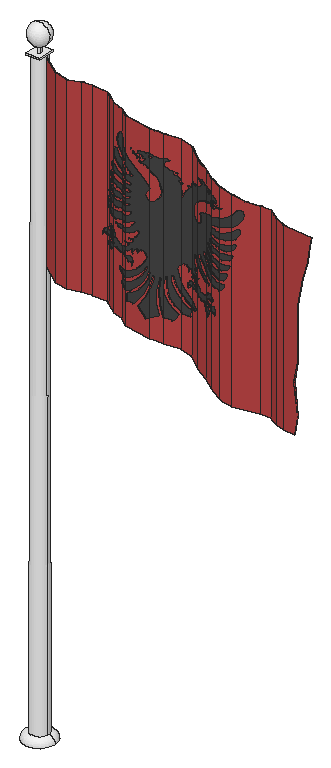
Revit family "Albanian Flag & Flag Pole", category Site, Revit 2014 (continued)
Automatic sketch dimensions
  Extrusion 7 sketch curve to Extrusion 7 sketch curve = 4.499 mm  (x2)
  Extrusion 7 sketch curve to Extrusion 7 sketch curve = 9.213 mm  (x4)
  Extrusion 7 sketch curve to Extrusion 7 sketch curve = 3.643 mm  (x2)
  Extrusion 7 sketch curve to Extrusion 7 sketch curve = 3.506 mm  (x2)
  Extrusion 7 sketch curve to Extrusion 7 sketch curve = 5.176 mm  (x4)
  Extrusion 7 sketch curve to Extrusion 7 sketch curve = 12.892 mm  (x2)
  Extrusion 7 sketch curve to Extrusion 7 sketch curve = 7.071 mm  (x28)
  Extrusion 7 sketch curve to Extrusion 7 sketch curve = 7.465 mm  (x2)
  Extrusion 7 sketch curve to Extrusion 7 sketch curve = 7.593 mm  (x2)
  Extrusion 7 sketch curve to Extrusion 7 sketch curve = 6.964 mm  (x2)
  Extrusion 7 sketch curve to Extrusion 7 sketch curve = 7.042 mm  (x2)
  Extrusion 7 sketch curve to Extrusion 7 sketch curve = 5.685 mm  (x2)
  Extrusion 7 sketch curve to Extrusion 7 sketch curve = 8.856 mm  (x2)
  Extrusion 7 sketch curve to Extrusion 7 sketch curve = 14.142 mm  (x31)
  Extrusion 7 sketch curve to Extrusion 7 sketch curve = 10 mm  (x10)
  Extrusion 7 sketch curve to Extrusion 7 sketch curve = 7.781 mm  (x2)
  Extrusion 7 sketch curve to Extrusion 7 sketch curve = 11.339 mm  (x2)
  Extrusion 7 sketch curve to Extrusion 7 sketch curve = 5 mm  (x42)
  Extrusion 7 sketch curve to Extrusion 7 sketch curve = 15 mm  (x36)
  Extrusion 7 sketch curve to Extrusion 7 sketch curve = 12.095 mm  (x2)
  Extrusion 7 sketch curve to Extrusion 7 sketch curve = 9.389 mm  (x2)
  Extrusion 7 sketch curve to Extrusion 7 sketch curve = 8.746 mm  (x4)
  Extrusion 7 sketch curve to Extrusion 7 sketch curve = 12.5 mm  (x6)
  Extrusion 7 sketch curve to Extrusion 7 sketch curve = 7.612 mm  (x2)
  Extrusion 7 sketch curve to Extrusion 7 sketch curve = 13.211 mm  (x2)
  Extrusion 7 sketch curve to Extrusion 7 sketch curve = 21.213 mm  (x12)
  Extrusion 7 sketch curve to Extrusion 7 sketch curve = 26.242 mm  (x2)
  Extrusion 7 sketch curve to Extrusion 7 sketch curve = 15.045 mm  (x2)
  Extrusion 7 sketch curve to Extrusion 7 sketch curve = 6.561 mm  (x2)
  Extrusion 7 sketch curve to Extrusion 7 sketch curve = 14.345 mm  (x2)
  Extrusion 7 sketch curve to Extrusion 7 sketch curve = 12.499 mm  (x2)
  Extrusion 7 sketch curve to Extrusion 7 sketch curve = 13.908 mm  (x4)
  Extrusion 7 sketch curve to Extrusion 7 sketch curve = 11.394 mm  (x2)
  Extrusion 7 sketch curve to Extrusion 7 sketch curve = 18.147 mm  (x2)
  Extrusion 7 sketch curve to Extrusion 7 sketch curve = 17.678 mm  (x4)
  Extrusion 7 sketch curve to Extrusion 7 sketch curve = 10.527 mm  (x2)
  Extrusion 7 sketch curve to Extrusion 7 sketch curve = 135.918 mm
  Extrusion 7 sketch curve to Extrusion 7 sketch curve = 0.331 mm
  Extrusion 7 sketch curve to Extrusion 7 sketch curve = 12.036 mm  (x2)
  Extrusion 7 sketch curve to Extrusion 7 sketch curve = 18.054 mm  (x4)
  Extrusion 7 sketch curve to Extrusion 7 sketch curve = 16.383 mm  (x8)
  Extrusion 7 sketch curve to Extrusion 7 sketch curve = 3.42 mm  (x13)
  Extrusion 7 sketch curve to Extrusion 7 sketch curve = 32.361 mm  (x4)
  Extrusion 7 sketch curve to Extrusion 7 sketch curve = 15.024 mm  (x2)
  Extrusion 7 sketch curve to Extrusion 7 sketch curve = 2.079 mm  (x6)
  Extrusion 7 sketch curve to Extrusion 7 sketch curve = 17.492 mm  (x6)
  Extrusion 7 sketch curve to Extrusion 7 sketch curve = 22.24 mm  (x2)
  Extrusion 7 sketch curve to Extrusion 7 sketch curve = 15.611 mm  (x2)
  Extrusion 7 sketch curve to Extrusion 7 sketch curve = 7.646 mm  (x2)
  Extrusion 7 sketch curve to Extrusion 7 sketch curve = 26.239 mm  (x2)
  Extrusion 7 sketch curve to Extrusion 7 sketch curve = 8.604 mm  (x12)
  Extrusion 7 sketch curve to Extrusion 7 sketch curve = 14.943 mm  (x2)
  Extrusion 7 sketch curve to Extrusion 7 sketch curve = 4.226 mm  (x17)
  Extrusion 7 sketch curve to Extrusion 7 sketch curve = 16.401 mm  (x2)
  Extrusion 7 sketch curve to Extrusion 7 sketch curve = 19.682 mm  (x2)
  Extrusion 7 sketch curve to Extrusion 7 sketch curve = 5.738 mm  (x2)
  Extrusion 7 sketch curve to Extrusion 7 sketch curve = 7.854 mm  (x4)
  Extrusion 7 sketch curve to Extrusion 7 sketch curve = 18.544 mm  (x6)
  Extrusion 7 sketch curve to Extrusion 7 sketch curve = 23.809 mm  (x2)
  Extrusion 7 sketch curve to Extrusion 7 sketch curve = 30.612 mm  (x5)
  Extrusion 7 sketch curve to Extrusion 7 sketch curve = 14.489 mm  (x8)
  Extrusion 7 sketch curve to Extrusion 7 sketch curve = 9.117 mm  (x4)
  Extrusion 7 sketch curve to Extrusion 7 sketch curve = 9.904 mm  (x2)
  Extrusion 7 sketch curve to Extrusion 7 sketch curve = 23.18 mm  (x4)
  Extrusion 7 sketch curve to Extrusion 7 sketch curve = 4.905 mm  (x4)
  Extrusion 7 sketch curve to Extrusion 7 sketch curve = 4.971 mm  (x4)
  Extrusion 7 sketch curve to Extrusion 7 sketch curve = 7.937 mm  (x2)
  Extrusion 7 sketch curve to Extrusion 7 sketch curve = 15.199 mm  (x4)
  Extrusion 7 sketch curve to Extrusion 7 sketch curve = 14.095 mm  (x18)
  Extrusion 7 sketch curve to Extrusion 7 sketch curve = 34.985 mm  (x2)
  Extrusion 7 sketch curve to Extrusion 7 sketch curve = 9.781 mm  (x6)
  Extrusion 7 sketch curve to Extrusion 7 sketch curve = 35.355 mm  (x3)
  Extrusion 7 sketch curve to Extrusion 7 sketch curve = 25.971 mm  (x2)
  Extrusion 7 sketch curve to Extrusion 7 sketch curve = 7.58 mm  (x2)
  Extrusion 7 sketch curve to Extrusion 7 sketch curve = 43.173 mm  (x2)
  Extrusion 7 sketch curve to Extrusion 7 sketch curve = 39.732 mm
  Extrusion 7 sketch curve to Extrusion 7 sketch curve = 38.252 mm  (x6)
  Extrusion 7 sketch curve to Extrusion 7 sketch curve = 20 mm  (x10)
  Extrusion 7 sketch curve to Extrusion 7 sketch curve = 7.67 mm  (x2)
  Extrusion 7 sketch curve to Extrusion 7 sketch curve = 38.812 mm  (x2)
  Extrusion 7 sketch curve to Extrusion 7 sketch curve = 22.5 mm  (x2)
  Extrusion 7 sketch curve to Extrusion 7 sketch curve = 34.952 mm  (x4)
  Extrusion 7 sketch curve to Extrusion 7 sketch curve = 43.034 mm  (x2)
  Extrusion 7 sketch curve to Extrusion 7 sketch curve = 29.631 mm  (x2)
  Extrusion 7 sketch curve to Extrusion 7 sketch curve = 21.69 mm  (x2)
  Extrusion 7 sketch curve to Extrusion 7 sketch curve = 13.912 mm
  Extrusion 7 sketch curve to Extrusion 7 sketch curve = 32.451 mm  (x3)
  Extrusion 7 sketch curve to Extrusion 7 sketch curve = 6.801 mm
  Extrusion 7 sketch curve to Extrusion 7 sketch curve = 42.664 mm  (x2)
  Extrusion 7 sketch curve to Extrusion 7 sketch curve = 4.996 mm
  Extrusion 7 sketch curve to Extrusion 7 sketch curve = 5.888 mm  (x2)
  Extrusion 7 sketch curve to Extrusion 7 sketch curve = 20.527 mm  (x2)
  Extrusion 7 sketch curve to Extrusion 7 sketch curve = 24.62 mm  (x4)
  Extrusion 7 sketch curve to Extrusion 7 sketch curve = 23.754 mm  (x2)
  Extrusion 7 sketch curve to Extrusion 7 sketch curve = 24.692 mm  (x6)
  Extrusion 7 sketch curve to Extrusion 7 sketch curve = 11.499 mm  (x2)
  Extrusion 7 sketch curve to Extrusion 7 sketch curve = 32.551 mm  (x2)
  Extrusion 7 sketch curve to Extrusion 7 sketch curve = 38.162 mm  (x2)
  Extrusion 7 sketch curve to Extrusion 7 sketch curve = 25 mm  (x8)
  Extrusion 7 sketch curve to Extrusion 7 sketch curve = 35 mm  (x8)
  Extrusion 7 sketch curve to Extrusion 7 sketch curve = 9.363 mm  (x4)
  Extrusion 7 sketch curve to Extrusion 7 sketch curve = 13.544 mm  (x2)
  Extrusion 7 sketch curve to Extrusion 7 sketch curve = 21.283 mm  (x2)
  Extrusion 7 sketch curve to Extrusion 7 sketch curve = 56.631 mm
  Extrusion 7 sketch curve to Extrusion 7 sketch curve = 3.536 mm  (x58)
  Extrusion 7 sketch curve to Extrusion 7 sketch curve = 40 mm  (x4)
  Extrusion 7 sketch curve to Extrusion 7 sketch curve = 30 mm  (x6)
  Extrusion 7 sketch curve to Extrusion 7 sketch curve = 31.067 mm  (x2)
  Extrusion 7 sketch curve to Extrusion 7 sketch curve = 22.09 mm
  Extrusion 7 sketch curve to Extrusion 7 sketch curve = 8.66 mm  (x10)
  Extrusion 7 sketch curve to Extrusion 7 sketch curve = 22.799 mm  (x2)
  Extrusion 7 sketch curve to Extrusion 7 sketch curve = 4.359 mm  (x3)
  Extrusion 7 sketch curve to Extrusion 7 sketch curve = 2.784 mm  (x2)
  Extrusion 7 sketch curve to Extrusion 7 sketch curve = 53.59 mm
  Extrusion 7 sketch curve to Extrusion 7 sketch curve = 4.308 mm
  Extrusion 7 sketch curve to Extrusion 7 sketch curve = 4.635 mm  (x2)
  Extrusion 7 sketch curve to Extrusion 7 sketch curve = 42.041 mm  (x2)
  Extrusion 7 sketch curve to Extrusion 7 sketch curve = 40.249 mm  (x2)
  Extrusion 7 sketch curve to Extrusion 7 sketch curve = 8.408 mm
  Extrusion 7 sketch curve to Extrusion 7 sketch curve = 12.573 mm  (x2)
  Extrusion 7 sketch curve to Extrusion 7 sketch curve = 5.558 mm  (x4)
  Extrusion 7 sketch curve to Extrusion 7 sketch curve = 9.482 mm  (x2)
  Extrusion 7 sketch curve to Extrusion 7 sketch curve = 5.13 mm  (x22)
  Extrusion 7 sketch curve to Extrusion 7 sketch curve = 16.566 mm  (x2)
  Extrusion 7 sketch curve to Extrusion 7 sketch curve = 7.316 mm  (x2)
  Extrusion 7 sketch curve to Extrusion 7 sketch curve = 9.063 mm  (x17)
  Extrusion 7 sketch curve to Extrusion 7 sketch curve = 8.937 mm  (x4)
  Extrusion 7 sketch curve to Extrusion 7 sketch curve = 7.44 mm  (x2)
  Extrusion 7 sketch curve to Extrusion 7 sketch curve = 28.284 mm  (x4)
  Extrusion 7 sketch curve to Extrusion 7 sketch curve = 11.489 mm  (x2)
  Extrusion 7 sketch curve to Extrusion 7 sketch curve = 3.987 mm  (x4)
  Extrusion 7 sketch curve to Extrusion 7 sketch curve = 1.257 mm
  Extrusion 7 sketch curve to Extrusion 7 sketch curve = 1.645 mm  (x2)
  Extrusion 7 sketch curve to Extrusion 7 sketch curve = 30.234 mm  (x2)
  Extrusion 7 sketch curve to Extrusion 7 sketch curve = 6.77 mm  (x2)
  Extrusion 7 sketch curve to Extrusion 7 sketch curve = 6.232 mm  (x2)
  Extrusion 7 sketch curve to Extrusion 7 sketch curve = 12.063 mm  (x2)
  Extrusion 7 sketch curve to Extrusion 7 sketch curve = 29.402 mm  (x2)
  Extrusion 7 sketch curve to Extrusion 7 sketch curve = 7.897 mm  (x2)
  Extrusion 7 sketch curve to Extrusion 7 sketch curve = 37.857 mm  (x2)
  Extrusion 7 sketch curve to Extrusion 7 sketch curve = 26.287 mm  (x2)
  Extrusion 7 sketch curve to Extrusion 7 sketch curve = 3.32 mm  (x2)
  Extrusion 7 sketch curve to Extrusion 7 sketch curve = 3.954 mm  (x2)
  Extrusion 7 sketch curve to Extrusion 7 sketch curve = 28.366 mm  (x2)
  Extrusion 7 sketch curve to Extrusion 7 sketch curve = 7.109 mm  (x2)
  Extrusion 7 sketch curve to Extrusion 7 sketch curve = 10.738 mm  (x2)
  Extrusion 7 sketch curve to Extrusion 7 sketch curve = 20.034 mm  (x2)
  Extrusion 7 sketch curve to Extrusion 7 sketch curve = 14.045 mm  (x2)
  Extrusion 7 sketch curve to Extrusion 7 sketch curve = 7.657 mm  (x2)
  Extrusion 7 sketch curve to Extrusion 7 sketch curve = 16.902 mm  (x2)
  Extrusion 7 sketch curve to Extrusion 7 sketch curve = 12.85 mm  (x2)
  Extrusion 7 sketch curve to Extrusion 7 sketch curve = 49.118 mm  (x2)
  Extrusion 7 sketch curve to Extrusion 7 sketch curve = 59.918 mm  (x2)
  Extrusion 7 sketch curve to Extrusion 7 sketch curve = 8.766 mm  (x2)
  Extrusion 7 sketch curve to Extrusion 7 sketch curve = 56.85 mm
  Extrusion 7 sketch curve to Extrusion 7 sketch curve = 9.962 mm  (x8)
  Extrusion 7 sketch curve to Extrusion 7 sketch curve = 12.993 mm  (x2)
  Extrusion 7 sketch curve to Extrusion 7 sketch curve = 6.181 mm  (x2)
  Extrusion 7 sketch curve to Extrusion 7 sketch curve = 14.672 mm  (x8)
  Extrusion 7 sketch curve to Extrusion 7 sketch curve = 32.503 mm  (x2)
  Extrusion 7 sketch curve to Extrusion 7 sketch curve = 50 mm  (x2)
  Extrusion 7 sketch curve to Extrusion 7 sketch curve = 6.221 mm  (x2)
  Extrusion 7 sketch curve to Extrusion 7 sketch curve = 12.269 mm  (x2)
  Extrusion 7 sketch curve to Extrusion 7 sketch curve = 29.344 mm  (x6)
  Extrusion 7 sketch curve to Extrusion 7 sketch curve = 16.849 mm  (x2)
  Extrusion 7 sketch curve to Extrusion 7 sketch curve = 10.439 mm  (x2)
  Extrusion 7 sketch curve to Extrusion 7 sketch curve = 33.807 mm  (x4)
  Extrusion 7 sketch curve to Extrusion 7 sketch curve = 12.711 mm  (x2)
  Extrusion 7 sketch curve to Extrusion 7 sketch curve = 46.245 mm  (x2)
  Extrusion 7 sketch curve to Extrusion 7 sketch curve = 13.595 mm  (x17)
  Extrusion 7 sketch curve to Extrusion 7 sketch curve = 17.591 mm
  Extrusion 7 sketch curve to Extrusion 7 sketch curve = 6.271 mm  (x2)
  Extrusion 7 sketch curve to Extrusion 7 sketch curve = 38.637 mm  (x6)
  Extrusion 7 sketch curve to Extrusion 7 sketch curve = 9.397 mm  (x16)
  Extrusion 7 sketch curve to Extrusion 7 sketch curve = 10.612 mm  (x2)
  Extrusion 7 sketch curve to Extrusion 7 sketch curve = 27.285 mm
  Extrusion 7 sketch curve to Extrusion 7 sketch curve = 1.13 mm  (x2)
  Extrusion 7 sketch curve to Extrusion 7 sketch curve = 2.33 mm  (x3)
  Extrusion 7 sketch curve to Extrusion 7 sketch curve = 5.198 mm  (x4)
  Extrusion 7 sketch curve to Extrusion 7 sketch curve = 7.223 mm  (x2)
  Extrusion 7 sketch curve to Extrusion 7 sketch curve = 11.648 mm  (x2)
  Extrusion 7 sketch curve to Extrusion 7 sketch curve = 16.777 mm  (x2)
  Extrusion 7 sketch curve to Extrusion 7 sketch curve = 8.192 mm  (x8)
  Extrusion 7 sketch curve to Extrusion 7 sketch curve = 12.065 mm  (x3)
  Extrusion 7 sketch curve to Extrusion 7 sketch curve = 6.56 mm  (x2)
  Extrusion 7 sketch curve to Extrusion 7 sketch curve = 45.935 mm  (x2)
  Extrusion 7 sketch curve to Extrusion 7 sketch curve = 8.218 mm  (x2)
  Extrusion 7 sketch curve to Extrusion 7 sketch curve = 5.535 mm  (x4)
  Extrusion 7 sketch curve to Extrusion 7 sketch curve = 11.756 mm  (x2)
  Extrusion 7 sketch curve to Extrusion 7 sketch curve = 26.851 mm  (x2)
  Extrusion 7 sketch curve to Extrusion 7 sketch curve = 1.405 mm  (x2)
  Extrusion 7 sketch curve to Extrusion 7 sketch curve = 42.548 mm  (x2)
  Extrusion 7 sketch curve to Extrusion 7 sketch curve = 35.446 mm  (x2)
  Extrusion 7 sketch curve to Extrusion 7 sketch curve = 73.616 mm
  Extrusion 7 sketch curve to Extrusion 7 sketch curve = 31.949 mm  (x2)
  Extrusion 7 sketch curve to Extrusion 7 sketch curve = 11.316 mm  (x2)
  Extrusion 7 sketch curve to Extrusion 7 sketch curve = 11.905 mm  (x2)
  Extrusion 7 sketch curve to Extrusion 7 sketch curve = 7.493 mm  (x2)
  Extrusion 7 sketch curve to Extrusion 7 sketch curve = 19.504 mm  (x3)
  Extrusion 7 sketch curve to Extrusion 7 sketch curve = 52.004 mm
  Extrusion 7 sketch curve to Extrusion 7 sketch curve = 3.321 mm
  Extrusion 7 sketch curve to Extrusion 7 sketch curve = 8.551 mm  (x2)
  Extrusion 7 sketch curve to Extrusion 7 sketch curve = 6.815 mm  (x2)
  Extrusion 7 sketch curve to Extrusion 7 sketch curve = 6.842 mm  (x2)
  Extrusion 7 sketch curve to Extrusion 7 sketch curve = 2.367 mm  (x4)
  Extrusion 7 sketch curve to Extrusion 7 sketch curve = 18.672 mm  (x4)
  Extrusion 7 sketch curve to Extrusion 7 sketch curve = 12.399 mm  (x2)
  Extrusion 7 sketch curve to Extrusion 7 sketch curve = 12.287 mm  (x14)
  Extrusion 7 sketch curve to Extrusion 7 sketch curve = 44.829 mm  (x2)
  Extrusion 7 sketch curve to Extrusion 7 sketch curve = 18.468 mm  (x2)
  Extrusion 7 sketch curve to Extrusion 7 sketch curve = 18.233 mm
  Extrusion 7 sketch curve to Extrusion 7 sketch curve = 12.955 mm  (x4)
  Extrusion 7 sketch curve to Extrusion 7 sketch curve = 14.772 mm  (x11)
  Extrusion 7 sketch curve to Extrusion 7 sketch curve = 14.633 mm  (x2)
  Extrusion 7 sketch curve to Extrusion 7 sketch curve = 54.841 mm  (x2)
  Extrusion 7 sketch curve to Extrusion 7 sketch curve = 33.093 mm  (x2)
  Extrusion 7 sketch curve to Extrusion 7 sketch curve = 18.674 mm
  Extrusion 7 sketch curve to Extrusion 7 sketch curve = 53.126 mm
  Extrusion 7 sketch curve to Extrusion 7 sketch curve = 26.594 mm
  Extrusion 7 sketch curve to Extrusion 7 sketch curve = 27.626 mm  (x2)
  Extrusion 7 sketch curve to Extrusion 7 sketch curve = 40.406 mm
  Extrusion 7 sketch curve to Extrusion 7 sketch curve = 6.451 mm
  Extrusion 7 sketch curve to Extrusion 7 sketch curve = 28.191 mm  (x2)
  Extrusion 7 sketch curve to Extrusion 7 sketch curve = 22.569 mm
  Extrusion 7 sketch curve to Extrusion 7 sketch curve = 3.61 mm
  Extrusion 7 sketch curve to Extrusion 7 sketch curve = 29.886 mm  (x2)
  Extrusion 7 sketch curve to Extrusion 7 sketch curve = 11.793 mm  (x4)
  Extrusion 7 sketch curve to Extrusion 7 sketch curve = 13.362 mm  (x2)
  Extrusion 7 sketch curve to Extrusion 7 sketch curve = 4.448 mm  (x4)
  Extrusion 7 sketch curve to Extrusion 7 sketch curve = 23.638 mm  (x2)
  Extrusion 7 sketch curve to Extrusion 7 sketch curve = 10.869 mm  (x2)
  Extrusion 7 sketch curve to Extrusion 7 sketch curve = 28.076 mm
  Extrusion 7 sketch curve to Extrusion 7 sketch curve = 22.051 mm  (x2)
  Extrusion 7 sketch curve to Extrusion 7 sketch curve = 31.721 mm  (x2)
  Extrusion 7 sketch curve to Extrusion 7 sketch curve = 8.38 mm  (x2)
  Extrusion 7 sketch curve to Extrusion 7 sketch curve = 31.646 mm  (x2)
  Extrusion 7 sketch curve to Extrusion 7 sketch curve = 27.869 mm  (x2)
  Extrusion 7 sketch curve to Extrusion 7 sketch curve = 5.08 mm  (x2)
  Extrusion 7 sketch curve to Extrusion 7 sketch curve = 22.898 mm  (x2)
  Extrusion 7 sketch curve to Extrusion 7 sketch curve = 18.126 mm  (x6)
  Extrusion 7 sketch curve to Extrusion 7 sketch curve = 69.539 mm
  Extrusion 7 sketch curve to Extrusion 7 sketch curve = 37.588 mm
  Extrusion 7 sketch curve to Extrusion 7 sketch curve = 29.54 mm  (x2)
  Extrusion 7 sketch curve to Extrusion 7 sketch curve = 0.069 mm  (x2)
  Extrusion 7 sketch curve to Extrusion 7 sketch curve = 13.958 mm
  Extrusion 7 sketch curve to Extrusion 7 sketch curve = 1.195 mm
  Extrusion 7 sketch curve to Extrusion 7 sketch curve = 14.965 mm  (x2)
  Extrusion 7 sketch curve to Extrusion 7 sketch curve = 5.515 mm  (x4)
  Extrusion 7 sketch curve to Extrusion 7 sketch curve = 6.398 mm
  Extrusion 7 sketch curve to Extrusion 7 sketch curve = 6.525 mm  (x2)
  Extrusion 7 sketch curve to Extrusion 7 sketch curve = 13.971 mm
  Extrusion 7 sketch curve to Extrusion 7 sketch curve = 23.27 mm  (x2)
  Extrusion 7 sketch curve to Extrusion 7 sketch curve = 17.537 mm  (x2)
  Extrusion 7 sketch curve to Extrusion 7 sketch curve = 0.874 mm
  Extrusion 7 sketch curve to Extrusion 7 sketch curve = 19.319 mm  (x4)
  Extrusion 7 sketch curve to Extrusion 7 sketch curve = 7.053 mm
  Extrusion 7 sketch curve to Extrusion 7 sketch curve = 7.66 mm  (x2)
  Extrusion 7 sketch curve to Extrusion 7 sketch curve = 41.723 mm  (x2)
  Extrusion 7 sketch curve to Extrusion 7 sketch curve = 19.696 mm  (x9)
  Extrusion 7 sketch curve to Extrusion 7 sketch curve = 22.658 mm  (x5)
  Extrusion 7 sketch curve to Extrusion 7 sketch curve = 25.442 mm  (x2)
  Extrusion 7 sketch curve to Extrusion 7 sketch curve = 8.388 mm
  Extrusion 7 sketch curve to Extrusion 7 sketch curve = 9.848 mm  (x6)
  Extrusion 7 sketch curve to Extrusion 7 sketch curve = 42.858 mm  (x3)
  Extrusion 7 sketch curve to Extrusion 7 sketch curve = 4.618 mm  (x3)
  Extrusion 7 sketch curve to Extrusion 7 sketch curve = 19.754 mm  (x4)
  Extrusion 7 sketch curve to Extrusion 7 sketch curve = 2.179 mm
  Extrusion 7 sketch curve to Extrusion 7 sketch curve = 4.504 mm
  Extrusion 7 sketch curve to Extrusion 7 sketch curve = 18.041 mm  (x2)
  Extrusion 7 sketch curve to Extrusion 7 sketch curve = 3.54 mm  (x2)
  Extrusion 7 sketch curve to Extrusion 7 sketch curve = 6.933 mm  (x2)
  Extrusion 7 sketch curve to Extrusion 7 sketch curve = 9.997 mm  (x2)
  Extrusion 7 sketch curve to Extrusion 7 sketch curve = 13.241 mm  (x2)
  Extrusion 7 sketch curve to Extrusion 7 sketch curve = 0.4 mm
  Extrusion 7 sketch curve to Extrusion 7 sketch curve = 1.169 mm
  Extrusion 7 sketch curve to Extrusion 7 sketch curve = 27.189 mm  (x8)
  Extrusion 7 sketch curve to Extrusion 7 sketch curve = 5.722 mm  (x2)
  Extrusion 7 sketch curve to Extrusion 7 sketch curve = 11.767 mm  (x2)
  Extrusion 7 sketch curve to Extrusion 7 sketch curve = 11.779 mm  (x2)
  Extrusion 7 sketch curve to Extrusion 7 sketch curve = 1.387 mm  (x4)
  Extrusion 7 sketch curve to Extrusion 7 sketch curve = 6.634 mm  (x2)
  Extrusion 7 sketch curve to Extrusion 7 sketch curve = 2.192 mm  (x2)
  Extrusion 7 sketch curve to Extrusion 7 sketch curve = 8.888 mm  (x2)
  Extrusion 7 sketch curve to Extrusion 7 sketch curve = 13.268 mm  (x2)
  Extrusion 7 sketch curve to Extrusion 7 sketch curve = 8.377 mm  (x4)
  Extrusion 7 sketch curve to Extrusion 7 sketch curve = 11.051 mm  (x2)
  Extrusion 7 sketch curve to Extrusion 7 sketch curve = 27.703 mm
  Extrusion 7 sketch curve to Extrusion 7 sketch curve = 50.058 mm  (x2)
  Extrusion 7 sketch curve to Extrusion 7 sketch curve = 9.659 mm  (x6)
  Extrusion 7 sketch curve to Extrusion 7 sketch curve = 1.241 mm  (x2)
  Extrusion 7 sketch curve to Extrusion 7 sketch curve = 6.701 mm
  Extrusion 7 sketch curve to Extrusion 7 sketch curve = 8.222 mm  (x2)
  Extrusion 7 sketch curve to Extrusion 7 sketch curve = 7.234 mm  (x2)
  Extrusion 7 sketch curve to Extrusion 7 sketch curve = 8.371 mm  (x4)
  Extrusion 7 sketch curve to Extrusion 7 sketch curve = 9.593 mm  (x2)
  Extrusion 7 sketch curve to Extrusion 7 sketch curve = 16.859 mm  (x2)
  Extrusion 7 sketch curve to Extrusion 7 sketch curve = 2.76 mm  (x4)
  Extrusion 7 sketch curve to Extrusion 7 sketch curve = 2.098 mm
  Extrusion 7 sketch curve to Extrusion 7 sketch curve = 43.867 mm  (x2)
  Extrusion 7 sketch curve to Extrusion 7 sketch curve = 14.815 mm  (x6)
  Extrusion 7 sketch curve to Extrusion 7 sketch curve = 12.098 mm
  Extrusion 7 sketch curve to Extrusion 7 sketch curve = 8.626 mm  (x2)
  Extrusion 7 sketch curve to Extrusion 7 sketch curve = 18.442 mm  (x2)
  Extrusion 7 sketch curve to Extrusion 7 sketch curve = 11.318 mm  (x2)
  Extrusion 7 sketch curve to Extrusion 7 sketch curve = 6.166 mm
  Extrusion 7 sketch curve to Extrusion 7 sketch curve = 18.467 mm  (x2)
  Extrusion 7 sketch curve to Extrusion 7 sketch curve = 7.569 mm
  Extrusion 7 sketch curve to Extrusion 7 sketch curve = 4.046 mm  (x2)
  Extrusion 7 sketch curve to Extrusion 7 sketch curve = 31.52 mm  (x4)
  Extrusion 7 sketch curve to Extrusion 7 sketch curve = 0.093 mm
  Extrusion 7 sketch curve to Extrusion 7 sketch curve = 2.651 mm  (x4)
  Extrusion 7 sketch curve to Extrusion 7 sketch curve = 5.522 mm
  Extrusion 7 sketch curve to Extrusion 7 sketch curve = 9.174 mm  (x4)
  Extrusion 7 sketch curve to Extrusion 7 sketch curve = 10.641 mm  (x2)
  Extrusion 7 sketch curve to Extrusion 7 sketch curve = 7.289 mm  (x2)
  Extrusion 7 sketch curve to Extrusion 7 sketch curve = 12.99 mm  (x10)
  Extrusion 7 sketch curve to Extrusion 7 sketch curve = 1.693 mm
  Extrusion 7 sketch curve to Extrusion 7 sketch curve = 2.997 mm  (x2)
  Extrusion 7 sketch curve to Extrusion 7 sketch curve = 2.458 mm  (x2)
  Extrusion 7 sketch curve to Extrusion 7 sketch curve = 18.761 mm
  Extrusion 7 sketch curve to Extrusion 7 sketch curve = 1.261 mm  (x2)
  Extrusion 7 sketch curve to Extrusion 7 sketch curve = 5.035 mm
  Extrusion 7 sketch curve to Extrusion 7 sketch curve = 18.861 mm  (x2)
  Extrusion 7 sketch curve to Extrusion 7 sketch curve = 7.209 mm
  Extrusion 7 sketch curve to Extrusion 7 sketch curve = 15.338 mm  (x2)
  Extrusion 7 sketch curve to Extrusion 7 sketch curve = 22.811 mm  (x2)
  Extrusion 7 sketch curve to Extrusion 7 sketch curve = 13.26 mm  (x2)
  Extrusion 7 sketch curve to Extrusion 7 sketch curve = 10.575 mm  (x2)
  Extrusion 7 sketch curve to Extrusion 7 sketch curve = 18.388 mm  (x2)
  Extrusion 7 sketch curve to Extrusion 7 sketch curve = 47.281 mm  (x2)
  Extrusion 7 sketch curve to Extrusion 7 sketch curve = 0.181 mm
  Extrusion 7 sketch curve to Extrusion 7 sketch curve = 11.315 mm  (x2)
  Extrusion 7 sketch curve to Extrusion 7 sketch curve = 21.06 mm  (x2)
  Extrusion 7 sketch curve to Extrusion 7 sketch curve = 52.538 mm
  Extrusion 7 sketch curve to Extrusion 7 sketch curve = 34.641 mm  (x2)
  Extrusion 7 sketch curve to Extrusion 7 sketch curve = 16.109 mm  (x4)
  Extrusion 7 sketch curve to Extrusion 7 sketch curve = 4.962 mm  (x4)
  Extrusion 7 sketch curve to Extrusion 7 sketch curve = 83.892 mm
  Extrusion 7 sketch curve to Extrusion 7 sketch curve = 10.732 mm  (x2)
  Extrusion 7 sketch curve to Extrusion 7 sketch curve = 23.579 mm  (x2)
  Extrusion 7 sketch curve to Extrusion 7 sketch curve = 16.438 mm
  Extrusion 7 sketch curve to Extrusion 7 sketch curve = 3.644 mm  (x2)
  Extrusion 7 sketch curve to Extrusion 7 sketch curve = 11.773 mm  (x4)
  Extrusion 7 sketch curve to Extrusion 7 sketch curve = 23.615 mm  (x2)
  Extrusion 7 sketch curve to Extrusion 7 sketch curve = 18.481 mm
  Extrusion 7 sketch curve to Extrusion 7 sketch curve = 1.678 mm  (x4)
  Extrusion 7 sketch curve to Extrusion 7 sketch curve = 1.507 mm  (x2)
  Extrusion 7 sketch curve to Extrusion 7 sketch curve = 1.849 mm  (x4)
  Extrusion 7 sketch curve to Extrusion 7 sketch curve = 4.709 mm  (x4)
  Extrusion 7 sketch curve to Extrusion 7 sketch curve = 2.683 mm  (x2)
  Extrusion 7 sketch curve to Extrusion 7 sketch curve = 21.319 mm  (x2)
  Extrusion 7 sketch curve to Extrusion 7 sketch curve = 4.444 mm  (x2)
  Extrusion 7 sketch curve to Extrusion 7 sketch curve = 3.184 mm  (x2)
  Extrusion 7 sketch curve to Extrusion 7 sketch curve = 1.252 mm  (x2)
  Extrusion 7 sketch curve to Extrusion 7 sketch curve = 75.586 mm
  Extrusion 7 sketch curve to Extrusion 7 sketch curve = 6.977 mm  (x2)
  Extrusion 7 sketch curve to Extrusion 7 sketch curve = 30.521 mm  (x2)
  Extrusion 7 sketch curve to Extrusion 7 sketch curve = 5.736 mm  (x6)
  Extrusion 7 sketch curve to Extrusion 7 sketch curve = 10.472 mm
  Extrusion 7 sketch curve to Extrusion 7 sketch curve = 5.131 mm  (x4)
  Extrusion 7 sketch curve to Extrusion 7 sketch curve = 7.872 mm
  Extrusion 7 sketch curve to Extrusion 7 sketch curve = 27.58 mm  (x2)
  Extrusion 7 sketch curve to Extrusion 7 sketch curve = 29.525 mm
  Extrusion 7 sketch curve to Extrusion 7 sketch curve = 12.858 mm  (x2)
  Extrusion 7 sketch curve to Extrusion 7 sketch curve = 11.511 mm  (x2)
  Extrusion 7 sketch curve to Extrusion 7 sketch curve = 27.647 mm  (x2)
  Extrusion 7 sketch curve to Extrusion 7 sketch curve = 19.027 mm  (x2)
  Extrusion 7 sketch curve to Extrusion 7 sketch curve = 11.702 mm  (x2)
  Extrusion 7 sketch curve to Extrusion 7 sketch curve = 8.187 mm  (x4)
  Extrusion 7 sketch curve to Extrusion 7 sketch curve = 12.08 mm  (x4)
  Extrusion 7 sketch curve to Extrusion 7 sketch curve = 26.98 mm
  Extrusion 7 sketch curve to Extrusion 7 sketch curve = 11.475 mm  (x2)
  Extrusion 7 sketch curve to Extrusion 7 sketch curve = 6.364 mm  (x2)
  Extrusion 7 sketch curve to Extrusion 7 sketch curve = 20.967 mm  (x2)
  Extrusion 7 sketch curve to Extrusion 7 sketch curve = 3.479 mm
  Extrusion 7 sketch curve to Extrusion 7 sketch curve = 62.967 mm
  Extrusion 7 sketch curve to Extrusion 7 sketch curve = 17.822 mm  (x2)
  Extrusion 7 sketch curve to Extrusion 7 sketch curve = 24.626 mm  (x4)
  Extrusion 7 sketch curve to Extrusion 7 sketch curve = 58.558 mm  (x2)
  Extrusion 7 sketch curve to Extrusion 7 sketch curve = 4.096 mm  (x2)
  Extrusion 7 sketch curve to Extrusion 7 sketch curve = 4.286 mm  (x5)
  Extrusion 7 sketch curve to Extrusion 7 sketch curve = 8.196 mm  (x2)
  Extrusion 7 sketch curve to Extrusion 7 sketch curve = 14.76 mm  (x2)
  Extrusion 7 sketch curve to Extrusion 7 sketch curve = 4.698 mm  (x5)
  Extrusion 7 sketch curve to Extrusion 7 sketch curve = 4.703 mm
  Extrusion 7 sketch curve to Extrusion 7 sketch curve = 16.773 mm  (x2)
  Extrusion 7 sketch curve to Extrusion 7 sketch curve = 16.407 mm  (x2)
  Extrusion 7 sketch curve to Extrusion 7 sketch curve = 2.789 mm  (x2)
  Extrusion 7 sketch curve to Extrusion 7 sketch curve = 13.242 mm
  Extrusion 7 sketch curve to Extrusion 7 sketch curve = 1.043 mm  (x2)
  Extrusion 7 sketch curve to Extrusion 7 sketch curve = 21.703 mm
  Extrusion 7 sketch curve to Extrusion 7 sketch curve = 8.562 mm  (x3)
  Extrusion 7 sketch curve to Extrusion 7 sketch curve = 14.238 mm  (x2)
  Extrusion 7 sketch curve to Extrusion 7 sketch curve = 13.936 mm  (x2)
  Extrusion 7 sketch curve to Extrusion 7 sketch curve = 16.102 mm
  Extrusion 7 sketch curve to Extrusion 7 sketch curve = 17.143 mm
  Extrusion 7 sketch curve to Extrusion 7 sketch curve = 13.142 mm  (x2)
  Extrusion 7 sketch curve to Extrusion 7 sketch curve = 13.238 mm  (x2)
  Extrusion 7 sketch curve to Extrusion 7 sketch curve = 12.104 mm  (x2)
  Extrusion 7 sketch curve to Extrusion 7 sketch curve = 12.436 mm  (x2)
  Extrusion 7 sketch curve to Extrusion 7 sketch curve = 18.794 mm  (x8)
  Extrusion 7 sketch curve to Extrusion 7 sketch curve = 5.222 mm  (x2)
  Extrusion 7 sketch curve to Extrusion 7 sketch curve = 30.349 mm  (x2)
  Extrusion 7 sketch curve to Extrusion 7 sketch curve = 56.196 mm
  Extrusion 7 sketch curve to Extrusion 7 sketch curve = 23.708 mm  (x2)
  Extrusion 7 sketch curve to Extrusion 7 sketch curve = 7.279 mm
  Extrusion 7 sketch curve to Extrusion 7 sketch curve = 3.527 mm  (x2)
  Extrusion 7 sketch curve to Extrusion 7 sketch curve = 15.509 mm  (x2)
  Extrusion 7 sketch curve to Extrusion 7 sketch curve = 2.575 mm  (x7)
  Extrusion 7 sketch curve to Extrusion 7 sketch curve = 15.222 mm  (x4)
  Extrusion 7 sketch curve to Extrusion 7 sketch curve = 8.565 mm  (x2)
  Extrusion 7 sketch curve to Extrusion 7 sketch curve = 16.483 mm  (x2)
  Extrusion 7 sketch curve to Extrusion 7 sketch curve = 26.488 mm  (x2)
  Extrusion 7 sketch curve to Extrusion 7 sketch curve = 2.535 mm  (x6)
  Extrusion 7 sketch curve to Extrusion 7 sketch curve = 4.966 mm  (x2)
  Extrusion 7 sketch curve to Extrusion 7 sketch curve = 13.269 mm  (x2)
  Extrusion 7 sketch curve to Extrusion 7 sketch curve = 74.332 mm  (x2)
  Extrusion 7 sketch curve to Extrusion 7 sketch curve = 21.525 mm  (x2)
  Extrusion 7 sketch curve to Extrusion 7 sketch curve = 14.923 mm  (x4)
  Extrusion 7 sketch curve to Extrusion 7 sketch curve = 23.909 mm  (x2)
  Extrusion 7 sketch curve to Extrusion 7 sketch curve = 19.924 mm  (x2)
  Extrusion 7 sketch curve to Extrusion 7 sketch curve = 11.472 mm  (x8)
  Extrusion 7 sketch curve to Extrusion 7 sketch curve = 16.569 mm  (x2)
  Extrusion 7 sketch curve to Extrusion 7 sketch curve = 12.879 mm  (x2)
  Extrusion 7 sketch curve to Extrusion 7 sketch curve = 13.954 mm
  Extrusion 7 sketch curve to Extrusion 7 sketch curve = 1.568 mm
  Extrusion 7 sketch curve to Extrusion 7 sketch curve = 29.544 mm  (x3)
  Extrusion 7 sketch curve to Extrusion 7 sketch curve = 4.465 mm  (x2)
  Extrusion 7 sketch curve to Extrusion 7 sketch curve = 5.891 mm  (x2)
  Extrusion 7 sketch curve to Extrusion 7 sketch curve = 7.588 mm  (x2)
  Extrusion 7 sketch curve to Extrusion 7 sketch curve = 8.173 mm  (x4)
  Extrusion 7 sketch curve to Extrusion 7 sketch curve = 4.33 mm  (x5)
  Extrusion 7 sketch curve to Extrusion 7 sketch curve = 11.207 mm
  Extrusion 7 sketch curve to Extrusion 7 sketch curve = 21.844 mm  (x2)
  Extrusion 7 sketch curve to Extrusion 7 sketch curve = 26.829 mm  (x2)
  Extrusion 7 sketch curve to Extrusion 7 sketch curve = 7.981 mm  (x2)
  Extrusion 7 sketch curve to Extrusion 7 sketch curve = 2.437 mm  (x2)
  Extrusion 7 sketch curve to Extrusion 7 sketch curve = 4.951 mm  (x4)
  Extrusion 7 sketch curve to Extrusion 7 sketch curve = 22.052 mm  (x2)
  Extrusion 7 sketch curve to Extrusion 7 sketch curve = 118.177 mm
  Extrusion 7 sketch curve to Extrusion 7 sketch curve = 1.967 mm  (x2)
  Extrusion 7 sketch curve to Extrusion 7 sketch curve = 0.872 mm  (x8)
  Extrusion 7 sketch curve to Extrusion 7 sketch curve = 1.067 mm  (x2)
  Extrusion 7 sketch curve to Extrusion 7 sketch curve = 13.852 mm  (x2)
  Extrusion 7 sketch curve to Extrusion 7 sketch curve = 15.362 mm  (x4)
  Extrusion 7 sketch curve to Extrusion 7 sketch curve = 8.71 mm  (x2)
  Extrusion 7 sketch curve to Extrusion 7 sketch curve = 12.053 mm  (x2)
  Extrusion 7 sketch curve to Extrusion 7 sketch curve = 17.464 mm  (x2)
  Extrusion 7 sketch curve to Extrusion 7 sketch curve = 17.364 mm  (x2)
  Extrusion 7 sketch curve to Extrusion 7 sketch curve = 9.557 mm  (x2)
  Extrusion 7 sketch curve to Extrusion 7 sketch curve = 12.379 mm  (x2)
  Extrusion 7 sketch curve to Extrusion 7 sketch curve = 12.876 mm  (x2)
  Extrusion 7 sketch curve to Extrusion 7 sketch curve = 18.115 mm
  Extrusion 7 sketch curve to Extrusion 7 sketch curve = 22.025 mm  (x2)
  Extrusion 7 sketch curve to Extrusion 7 sketch curve = 9.642 mm
  Extrusion 7 sketch curve to Extrusion 7 sketch curve = 4.079 mm  (x2)
  Extrusion 7 sketch curve to Extrusion 7 sketch curve = 4.357 mm  (x4)
  Extrusion 7 sketch curve to Extrusion 7 sketch curve = 20.358 mm  (x4)
  Extrusion 7 sketch curve to Extrusion 7 sketch curve = 25.115 mm  (x2)
  Extrusion 7 sketch curve to Extrusion 7 sketch curve = 5.125 mm  (x4)
  Extrusion 7 sketch curve to Extrusion 7 sketch curve = 17.587 mm  (x2)
  Extrusion 7 sketch curve to Extrusion 7 sketch curve = 7.415 mm
  Extrusion 7 sketch curve to Extrusion 7 sketch curve = 13.035 mm  (x2)
  Extrusion 7 sketch curve to Extrusion 7 sketch curve = 8.871 mm  (x2)
  Extrusion 7 sketch curve to Extrusion 7 sketch curve = 16.716 mm  (x4)
  Extrusion 7 sketch curve to Extrusion 7 sketch curve = 15.421 mm  (x2)
  Extrusion 7 sketch curve to Extrusion 7 sketch curve = 10.078 mm  (x2)
  Extrusion 7 sketch curve to Extrusion 7 sketch curve = 14.373 mm  (x2)
  Extrusion 7 sketch curve to Extrusion 7 sketch curve = 35.334 mm
  Extrusion 7 sketch curve to Extrusion 7 sketch curve = 3.882 mm  (x6)
  Extrusion 7 sketch curve to Extrusion 7 sketch curve = 6.339 mm  (x14)
  Extrusion 7 sketch curve to Extrusion 7 sketch curve = 14.991 mm  (x2)
  Extrusion 7 sketch curve to Extrusion 7 sketch curve = 7.667 mm  (x2)
  Extrusion 7 sketch curve to Extrusion 7 sketch curve = 12.856 mm  (x2)
  Extrusion 7 sketch curve to Extrusion 7 sketch curve = 13.414 mm  (x2)
  Extrusion 7 sketch curve to Extrusion 7 sketch curve = 17.265 mm  (x2)
  Extrusion 7 sketch curve to Extrusion 7 sketch curve = 17.451 mm  (x2)
  Extrusion 7 sketch curve to Extrusion 7 sketch curve = 15.898 mm  (x2)
  Extrusion 7 sketch curve to Extrusion 7 sketch curve = 16.07 mm  (x2)
  Extrusion 7 sketch curve to Extrusion 7 sketch curve = 21.651 mm  (x7)
  Extrusion 7 sketch curve to Extrusion 7 sketch curve = 5.517 mm  (x4)
  Extrusion 7 sketch curve to Extrusion 7 sketch curve = 19.021 mm  (x2)
  Extrusion 7 sketch curve to Extrusion 7 sketch curve = 11.238 mm  (x2)
  Extrusion 7 sketch curve to Extrusion 7 sketch curve = 9.293 mm  (x2)
  Extrusion 7 sketch curve to Extrusion 7 sketch curve = 6.314 mm  (x2)
  Extrusion 7 sketch curve to Extrusion 7 sketch curve = 5.191 mm  (x2)
  Extrusion 7 sketch curve to Extrusion 7 sketch curve = 5.499 mm  (x2)
  Extrusion 7 sketch curve to Extrusion 7 sketch curve = 5.373 mm
  Extrusion 7 sketch curve to Extrusion 7 sketch curve = 2.169 mm  (x2)
  Extrusion 7 sketch curve to Extrusion 7 sketch curve = 4.468 mm  (x2)
  Extrusion 7 sketch curve to Extrusion 7 sketch curve = 4.202 mm
  Extrusion 7 sketch curve to Extrusion 7 sketch curve = 115.714 mm  (x2)
  Extrusion 7 sketch curve to Extrusion 7 sketch curve = 11.002 mm  (x2)
  Extrusion 7 sketch curve to Extrusion 7 sketch curve = 9.271 mm  (x2)
  Extrusion 7 sketch curve to Extrusion 7 sketch curve = 24.148 mm  (x2)
  Extrusion 7 sketch curve to Extrusion 7 sketch curve = 19.337 mm
  Extrusion 7 sketch curve to Extrusion 7 sketch curve = 2.5 mm  (x6)
  Extrusion 7 sketch curve to Extrusion 7 sketch curve = 36.651 mm
  Extrusion 7 sketch curve to Extrusion 7 sketch curve = 0.82 mm
  Extrusion 7 sketch curve to Extrusion 7 sketch curve = 39.785 mm  (x2)
  Extrusion 7 sketch curve to Extrusion 7 sketch curve = 5.026 mm  (x4)
  Extrusion 7 sketch curve to Extrusion 7 sketch curve = 5.985 mm  (x2)
  Extrusion 7 sketch curve to Extrusion 7 sketch curve = 9.813 mm
  Extrusion 7 sketch curve to Extrusion 7 sketch curve = 5.759 mm  (x2)
  Extrusion 7 sketch curve to Extrusion 7 sketch curve = 6.352 mm  (x2)
  Extrusion 7 sketch curve to Extrusion 7 sketch curve = 18.274 mm  (x2)
  Extrusion 7 sketch curve to Extrusion 7 sketch curve = 4.017 mm
  Extrusion 7 sketch curve to Extrusion 7 sketch curve = 2.988 mm  (x2)
  Extrusion 7 sketch curve to Extrusion 7 sketch curve = 37.096 mm  (x2)
  Extrusion 7 sketch curve to Extrusion 7 sketch curve = 1.294 mm
  Extrusion 7 sketch curve to Extrusion 7 sketch curve = 6.812 mm
  Extrusion 7 sketch curve to Extrusion 7 sketch curve = 3.454 mm
  Extrusion 7 sketch curve to Extrusion 7 sketch curve = 4.434 mm  (x2)
  Extrusion 7 sketch curve to Extrusion 7 sketch curve = 2.825 mm
  Extrusion 7 sketch curve to Extrusion 7 sketch curve = 0.124 mm
  Extrusion 7 sketch curve to Extrusion 7 sketch curve = 0.861 mm
  Extrusion 7 sketch curve to Extrusion 7 sketch curve = 13.662 mm
  Extrusion 7 sketch curve to Extrusion 7 sketch curve = 0.891 mm  (x2)
  Extrusion 7 sketch curve to Extrusion 7 sketch curve = 2.113 mm  (x5)
  Extrusion 7 sketch curve to Extrusion 7 sketch curve = 4.532 mm  (x4)
  Extrusion 7 sketch curve to Extrusion 7 sketch curve = 5.49 mm
  Extrusion 7 sketch curve to Extrusion 7 sketch curve = 6.137 mm  (x2)
  Extrusion 7 sketch curve to Extrusion 7 sketch curve = 12.908 mm  (x5)
  Extrusion 7 sketch curve to Extrusion 7 sketch curve = 5.437 mm  (x2)
  Extrusion 7 sketch curve to Extrusion 7 sketch curve = 8.058 mm  (x2)
  Extrusion 7 sketch curve to Extrusion 7 sketch curve = 16.776 mm
  Extrusion 7 sketch curve to Extrusion 7 sketch curve = 45.202 mm
  Extrusion 7 sketch curve to Extrusion 7 sketch curve = 3.082 mm  (x2)
  Extrusion 7 sketch curve to Extrusion 7 sketch curve = 12.679 mm  (x5)
  Extrusion 7 sketch curve to Extrusion 7 sketch curve = 10.565 mm  (x8)
  Extrusion 7 sketch curve to Extrusion 7 sketch curve = 2.039 mm
  Extrusion 7 sketch curve to Extrusion 7 sketch curve = 3.765 mm
  Extrusion 7 sketch curve to Extrusion 7 sketch curve = 11.651 mm  (x2)
  Extrusion 7 sketch curve to Extrusion 7 sketch curve = 13.324 mm  (x2)
  Extrusion 7 sketch curve to Extrusion 7 sketch curve = 8.423 mm
  Extrusion 7 sketch curve to Extrusion 7 sketch curve = 5.209 mm  (x3)
  Extrusion 7 sketch curve to Extrusion 7 sketch curve = 142.721 mm  (x2)
  Extrusion 7 sketch curve to Extrusion 7 sketch curve = 10.419 mm
  Extrusion 7 sketch curve to Extrusion 7 sketch curve = 27.265 mm
  Extrusion 7 sketch curve to Extrusion 7 sketch curve = 59.007 mm
  Extrusion 7 sketch curve to Extrusion 7 sketch curve = 3.426 mm
  Extrusion 7 sketch curve to Extrusion 7 sketch curve = 66.643 mm
  Extrusion 7 sketch curve to Extrusion 7 sketch curve = 2.152 mm  (x2)
  Extrusion 7 sketch curve to Extrusion 7 sketch curve = 2.706 mm
  Extrusion 7 sketch curve to Extrusion 7 sketch curve = 1.535 mm
  Extrusion 7 sketch curve to Extrusion 7 sketch curve = 0.108 mm
  Extrusion 7 sketch curve to Extrusion 7 sketch curve = 17.965 mm
  Extrusion 7 sketch curve to Extrusion 7 sketch curve = 1.975 mm
  Extrusion 7 sketch curve to Extrusion 7 sketch curve = 3.309 mm
  Extrusion 7 sketch curve to Extrusion 7 sketch curve = 45.304 mm
  Extrusion 7 sketch curve to Extrusion 7 sketch curve = 1.372 mm
  Extrusion 7 sketch curve to Extrusion 7 sketch curve = 17.792 mm
  Extrusion 7 sketch curve to Extrusion 7 sketch curve = 6.783 mm
  Extrusion 7 sketch curve to Extrusion 7 sketch curve = 2.526 mm
  Extrusion 7 sketch curve to Extrusion 7 sketch curve = 2.197 mm
  Extrusion 7 sketch curve to Extrusion 7 sketch curve = 12.565 mm
  Extrusion 7 sketch curve to Extrusion 7 sketch curve = 14.235 mm  (x3)
  Extrusion 7 sketch curve to Extrusion 7 sketch curve = 5.164 mm
  Extrusion 7 sketch curve to Extrusion 7 sketch curve = 32.406 mm
  Extrusion 7 sketch curve to Extrusion 7 sketch curve = 6.417 mm
  Extrusion 7 sketch curve to Extrusion 7 sketch curve = 3.473 mm  (x9)
  Extrusion 7 sketch curve to Extrusion 7 sketch curve = 204.268 mm
  Extrusion 7 sketch curve to Extrusion 7 sketch curve = 2.807 mm
  Extrusion 7 sketch curve to Extrusion 7 sketch curve = 29.791 mm
  Extrusion 7 sketch curve to Extrusion 7 sketch curve = 13.062 mm
  Extrusion 7 sketch curve to Extrusion 7 sketch curve = 122.765 mm
  Extrusion 7 sketch curve to Extrusion 7 sketch curve = 4.653 mm
  Extrusion 7 sketch curve to Extrusion 7 sketch curve = 5.619 mm  (x3)
  Extrusion 7 sketch curve to Extrusion 7 sketch curve = 9.197 mm
  Extrusion 7 sketch curve to Extrusion 7 sketch curve = 30.686 mm
  Extrusion 7 sketch curve to Extrusion 7 sketch curve = 2.267 mm
  Extrusion 7 sketch curve to Extrusion 7 sketch curve = 3.035 mm
  Extrusion 7 sketch curve to Extrusion 7 sketch curve = 1.616 mm
  Extrusion 7 sketch curve to Extrusion 7 sketch curve = 3.522 mm
  Extrusion 7 sketch curve to Extrusion 7 sketch curve = 15.922 mm  (x3)
  Extrusion 7 sketch curve to Extrusion 7 sketch curve = 64.969 mm
  Extrusion 7 sketch curve to Extrusion 7 sketch curve = 7.167 mm  (x3)
  Extrusion 7 sketch curve to Extrusion 7 sketch curve = 15.059 mm
  Extrusion 7 sketch curve to Extrusion 7 sketch curve = 103.417 mm
  Extrusion 7 sketch curve to Extrusion 7 sketch curve = 0.19 mm
  Extrusion 7 sketch curve to Extrusion 7 sketch curve = 16.099 mm
  Extrusion 7 sketch curve to Extrusion 7 sketch curve = 47.673 mm
  Extrusion 7 sketch curve to Extrusion 7 sketch curve = 14.925 mm
  Extrusion 7 sketch curve to Extrusion 7 sketch curve = 22.713 mm
  Extrusion 7 sketch curve to Extrusion 7 sketch curve = 3.496 mm
  Extrusion 7 sketch curve to Extrusion 7 sketch curve = 17.115 mm
  Extrusion 7 sketch curve to Extrusion 7 sketch curve = 2.588 mm  (x3)
  Extrusion 7 sketch curve to Extrusion 7 sketch curve = 56.276 mm
  Extrusion 7 sketch curve to Extrusion 7 sketch curve = 6.013 mm
  Extrusion 7 sketch curve to Extrusion 7 sketch curve = 62.679 mm
  Extrusion 7 sketch curve to Extrusion 7 sketch curve = 18.026 mm
  Extrusion 7 sketch curve to Extrusion 7 sketch curve = 5.143 mm  (x2)
  Extrusion 7 sketch curve to Extrusion 7 sketch curve = 45.963 mm
  Extrusion 7 sketch curve to Extrusion 7 sketch curve = 35.83 mm
  Extrusion 7 sketch curve to Extrusion 7 sketch curve = 5.022 mm  (x3)
  Extrusion 7 sketch curve to Extrusion 7 sketch curve = 10.286 mm
  Extrusion 7 sketch curve to Extrusion 7 sketch curve = 29.959 mm
  Extrusion 7 sketch curve to Extrusion 7 sketch curve = 2.664 mm
  Extrusion 7 sketch curve to Extrusion 7 sketch curve = 3.796 mm
  Extrusion 7 sketch curve to Extrusion 7 sketch curve = 14.505 mm
  Extrusion 7 sketch curve to Extrusion 7 sketch curve = 6.528 mm
  Extrusion 7 sketch curve to Extrusion 7 sketch curve = 8.002 mm
  Extrusion 7 sketch curve to Extrusion 7 sketch curve = 13.74 mm
  Extrusion 7 sketch curve to Extrusion 7 sketch curve = 8.418 mm
  Extrusion 7 sketch curve to Extrusion 7 sketch curve = 63.235 mm
  Extrusion 7 sketch curve to Extrusion 7 sketch curve = 0.762 mm
  Extrusion 7 sketch curve to Extrusion 7 sketch curve = 79.334 mm
  Extrusion 7 sketch curve to Extrusion 7 sketch curve = 20.149 mm
  Extrusion 7 sketch curve to Extrusion 7 sketch curve = 4.559 mm  (x3)
  Extrusion 7 sketch curve to Extrusion 7 sketch curve = 42.766 mm
  Extrusion 7 sketch curve to Extrusion 7 sketch curve = 22.029 mm
  Extrusion 7 sketch curve to Extrusion 7 sketch curve = 0.607 mm
  Extrusion 7 sketch curve to Extrusion 7 sketch curve = 18.91 mm  (x3)
  Extrusion 7 sketch curve to Extrusion 7 sketch curve = 25.064 mm
  Extrusion 7 sketch curve to Extrusion 7 sketch curve = 21.462 mm
  Extrusion 7 sketch curve to Extrusion 7 sketch curve = 1.007 mm
  Extrusion 7 sketch curve to Extrusion 7 sketch curve = 26.914 mm
  Extrusion 7 sketch curve to Extrusion 7 sketch curve = 25.42 mm
  Extrusion 7 sketch curve to Extrusion 7 sketch curve = 19.738 mm
  Extrusion 7 sketch curve to Extrusion 7 sketch curve = 38.229 mm
  Extrusion 7 sketch curve to Extrusion 7 sketch curve = 43.606 mm
  Extrusion 7 sketch curve to Extrusion 7 sketch curve = 19.185 mm
  Extrusion 7 sketch curve to Extrusion 7 sketch curve = 9.517 mm
  Extrusion 7 sketch curve to Extrusion 7 sketch curve = 50.396 mm
  Extrusion 7 sketch curve to Extrusion 7 sketch curve = 5.366 mm
  Extrusion 7 sketch curve to Extrusion 7 sketch curve = 24.918 mm
  Extrusion 7 sketch curve to Extrusion 7 sketch curve = 1.675 mm
  Extrusion 7 sketch curve to Extrusion 7 sketch curve = 8.966 mm
  Extrusion 7 sketch curve to Extrusion 7 sketch curve = 8.546 mm
  Extrusion 7 sketch curve to Extrusion 7 sketch curve = 46.985 mm
  Extrusion 7 sketch curve to Extrusion 7 sketch curve = 44.017 mm
  Extrusion 7 sketch curve to Extrusion 7 sketch curve = 39.845 mm
  Extrusion 7 sketch curve to Extrusion 7 sketch curve = 49.434 mm
  Extrusion 7 sketch curve to Extrusion 7 sketch curve = 1.199 mm
  Extrusion 7 sketch curve to Extrusion 7 sketch curve = 22.277 mm
  Extrusion 7 sketch curve to Extrusion 7 sketch curve = 11.754 mm
  Extrusion 7 sketch curve to Extrusion 7 sketch curve = 33.151 mm
  Extrusion 7 sketch curve to Extrusion 7 sketch curve = 59.461 mm
  Extrusion 7 sketch curve to Extrusion 7 sketch curve = 54.791 mm
  Extrusion 7 sketch curve to Extrusion 7 sketch curve = 59.768 mm
  Extrusion 7 sketch curve to Extrusion 7 sketch curve = 48.719 mm
  Extrusion 7 sketch curve to Extrusion 7 sketch curve = 13.28 mm
  Extrusion 7 sketch curve to Extrusion 7 sketch curve = 7.818 mm
  Extrusion 7 sketch curve to Extrusion 7 sketch curve = 14.759 mm
  Extrusion 7 sketch curve to Extrusion 7 sketch curve = 38.918 mm
  Extrusion 7 sketch curve to Extrusion 7 sketch curve = 6.097 mm
  Extrusion 7 sketch curve to Extrusion 7 sketch curve = 7.172 mm
  Extrusion 7 sketch curve to Extrusion 7 sketch curve = 136.249 mm
  Extrusion 7 sketch curve to Extrusion 7 sketch curve = 1.592 mm  (x2)
  Extrusion 7 sketch curve to Extrusion 7 sketch curve = 0.082 mm  (x2)
  Extrusion 7 sketch curve to Extrusion 7 sketch curve = 0.061 mm  (x3)
  Extrusion 7 sketch curve to Extrusion 7 sketch curve = 0.3 mm  (x2)
  Extrusion 7 sketch curve to Extrusion 7 sketch curve = 1.546 mm  (x2)
  Extrusion 7 sketch curve to Extrusion 7 sketch curve = 1.478 mm  (x2)
  Extrusion 7 sketch curve to Extrusion 7 sketch curve = 5.802 mm  (x2)
  Extrusion 7 sketch curve to Extrusion 7 sketch curve = 4.104 mm  (x2)
  Extrusion 7 sketch curve to Extrusion 7 sketch curve = 3.956 mm  (x2)
  Extrusion 7 sketch curve to Extrusion 7 sketch curve = 1.73 mm  (x2)
  Extrusion 7 sketch curve to Extrusion 7 sketch curve = 2.874 mm  (x2)
  Extrusion 7 sketch curve to Extrusion 7 sketch curve = 3.767 mm  (x2)
  Extrusion 7 sketch curve to Extrusion 7 sketch curve = 1.628 mm  (x2)
  Extrusion 7 sketch curve to Extrusion 7 sketch curve = 7.339 mm  (x2)
  Extrusion 7 sketch curve to Extrusion 7 sketch curve = 0.231 mm  (x2)
  Extrusion 7 sketch curve to Extrusion 7 sketch curve = 5.999 mm  (x2)
  Extrusion 7 sketch curve to Extrusion 7 sketch curve = 18.519 mm
  Extrusion 7 sketch curve to Extrusion 7 sketch curve = 20.018 mm
  Extrusion 7 sketch curve to Extrusion 7 sketch curve = 4.82 mm
  Extrusion 7 sketch curve to Extrusion 7 sketch curve = 7.635 mm  (x2)
  Extrusion 7 sketch curve to Extrusion 7 sketch curve = 7.382 mm
  Extrusion 7 sketch curve to Extrusion 7 sketch curve = 5.933 mm
  Extrusion 7 sketch curve to Extrusion 7 sketch curve = 4.557 mm  (x2)
  Extrusion 7 sketch curve to Extrusion 7 sketch curve = 13.098 mm  (x2)
  Extrusion 7 sketch curve to Extrusion 7 sketch curve = 25.419 mm  (x2)
  Extrusion 7 sketch curve to Extrusion 7 sketch curve = 19.6 mm  (x2)
  Extrusion 7 sketch curve to Extrusion 7 sketch curve = 75.618 mm  (x2)
  Extrusion 7 sketch curve to Extrusion 7 sketch curve = 11.837 mm  (x2)
  Extrusion 7 sketch curve to Extrusion 7 sketch curve = 4.366 mm  (x2)
  Extrusion 7 sketch curve to Extrusion 7 sketch curve = 7.737 mm  (x3)
  Extrusion 7 sketch curve to Extrusion 7 sketch curve = 7.117 mm  (x2)
  Extrusion 7 sketch curve to Extrusion 7 sketch curve = 6.633 mm  (x2)
  Extrusion 7 sketch curve to Extrusion 7 sketch curve = 2.071 mm  (x2)
  Extrusion 7 sketch curve to Extrusion 7 sketch curve = 173.621 mm  (x2)
  Extrusion 7 sketch curve to Extrusion 7 sketch curve = 30.656 mm  (x2)
  Extrusion 7 sketch curve to Extrusion 7 sketch curve = 103.757 mm  (x2)
  Extrusion 7 sketch curve to Extrusion 7 sketch curve = 83.709 mm  (x2)
  Extrusion 7 sketch curve to Extrusion 7 sketch curve = 20.896 mm  (x2)
  Extrusion 7 sketch curve to Extrusion 7 sketch curve = 93.731 mm  (x2)
  Extrusion 7 sketch curve to Extrusion 7 sketch curve = 99.934 mm
  Extrusion 7 sketch curve to Extrusion 7 sketch curve = 2.971 mm  (x4)
  Extrusion 7 sketch curve to Extrusion 7 sketch curve = 4.608 mm
  Extrusion 7 sketch curve to Extrusion 7 sketch curve = 0.334 mm  (x2)
  Extrusion 7 sketch curve to Extrusion 7 sketch curve = 2.629 mm  (x2)
  Extrusion 7 sketch curve to Extrusion 7 sketch curve = 7.783 mm
  Extrusion 7 sketch curve to Extrusion 7 sketch curve = 2.991 mm  (x2)
  Extrusion 7 sketch curve to Extrusion 7 sketch curve = 4.796 mm  (x2)
  Extrusion 7 sketch curve to Extrusion 7 sketch curve = 9.758 mm  (x2)
  Extrusion 7 sketch curve to Extrusion 7 sketch curve = 4.326 mm  (x2)
  Extrusion 7 sketch curve to Extrusion 7 sketch curve = 9.367 mm
  Extrusion 7 sketch curve to Extrusion 7 sketch curve = 19.661 mm  (x2)
  Extrusion 7 sketch curve to Extrusion 7 sketch curve = 3.95 mm  (x2)
  Extrusion 7 sketch curve to Extrusion 7 sketch curve = 8.754 mm  (x2)
  Extrusion 7 sketch curve to Extrusion 7 sketch curve = 3.233 mm
  Extrusion 7 sketch curve to Extrusion 7 sketch curve = 0.236 mm
  Extrusion 7 sketch curve to Extrusion 7 sketch curve = 5.539 mm
  Extrusion 7 sketch curve to Extrusion 7 sketch curve = 7.819 mm  (x2)
  Extrusion 7 sketch curve to Extrusion 7 sketch curve = 13.301 mm  (x2)
  Extrusion 7 sketch curve to Extrusion 7 sketch curve = 2.902 mm  (x2)
  Extrusion 7 sketch curve to Extrusion 7 sketch curve = 3.935 mm  (x2)
  Extrusion 7 sketch curve to Extrusion 7 sketch curve = 4.576 mm  (x2)
  Extrusion 7 sketch curve to Extrusion 7 sketch curve = 2.531 mm  (x2)
  Extrusion 7 sketch curve to Extrusion 7 sketch curve = 2.663 mm  (x2)
  Extrusion 7 sketch curve to Extrusion 7 sketch curve = 1.468 mm  (x2)
  Extrusion 7 sketch curve to Extrusion 7 sketch curve = 25.268 mm  (x2)
  Extrusion 7 sketch curve to Extrusion 7 sketch curve = 2.127 mm  (x2)
  Extrusion 7 sketch curve to Extrusion 7 sketch curve = 29.118 mm
  Extrusion 7 sketch curve to Extrusion 7 sketch curve = 33.947 mm
  Extrusion 7 sketch curve to Extrusion 7 sketch curve = 15.086 mm  (x2)
  Extrusion 7 sketch curve to Extrusion 7 sketch curve = 39.002 mm
  Extrusion 7 sketch curve to Extrusion 7 sketch curve = 35.884 mm
  Extrusion 7 sketch curve to Extrusion 7 sketch curve = 1.736 mm  (x6)
  Extrusion 7 sketch curve to Extrusion 7 sketch curve = 3.075 mm  (x2)
  Extrusion 7 sketch curve to Extrusion 7 sketch curve = 15.441 mm  (x2)
  Extrusion 7 sketch curve to Extrusion 7 sketch curve = 7.232 mm  (x2)
  Extrusion 7 sketch curve to Extrusion 7 sketch curve = 39.038 mm  (x2)
  Extrusion 7 sketch curve to Extrusion 7 sketch curve = 2.282 mm  (x4)
  Extrusion 7 sketch curve to Extrusion 7 sketch curve = 2.388 mm  (x2)
  Extrusion 7 sketch curve to Extrusion 7 sketch curve = 2.906 mm  (x2)
  Extrusion 7 sketch curve to Extrusion 7 sketch curve = 1.71 mm  (x4)
  Extrusion 7 sketch curve to Extrusion 7 sketch curve = 4.861 mm  (x2)
  Extrusion 7 sketch curve to Extrusion 7 sketch curve = 7.725 mm  (x2)
  Extrusion 7 sketch curve to Extrusion 7 sketch curve = 16.026 mm  (x2)
  Extrusion 7 sketch curve to Extrusion 7 sketch curve = 1.521 mm  (x2)
  Extrusion 7 sketch curve to Extrusion 7 sketch curve = 3.861 mm  (x2)
  Extrusion 7 sketch curve to Extrusion 7 sketch curve = 4.846 mm  (x2)
  Extrusion 7 sketch curve to Extrusion 7 sketch curve = 8.452 mm  (x6)
  Extrusion 7 sketch curve to Extrusion 7 sketch curve = 11.333 mm  (x2)
  Extrusion 7 sketch curve to Extrusion 7 sketch curve = 57.182 mm  (x2)
  Extrusion 7 sketch curve to Extrusion 7 sketch curve = 7.43 mm  (x2)
  Extrusion 7 sketch curve to Extrusion 7 sketch curve = 49.422 mm  (x2)
  Extrusion 7 sketch curve to Extrusion 7 sketch curve = 2.901 mm  (x2)
  Extrusion 7 sketch curve to Extrusion 7 sketch curve = 2.882 mm  (x2)
  Extrusion 7 sketch curve to Extrusion 7 sketch curve = 17.671 mm  (x2)
  Extrusion 7 sketch curve to Extrusion 7 sketch curve = 6.549 mm  (x2)
  Extrusion 7 sketch curve to Extrusion 7 sketch curve = 9.037 mm  (x2)
  Extrusion 7 sketch curve to Extrusion 7 sketch curve = 4.741 mm  (x2)
  Extrusion 7 sketch curve to Extrusion 7 sketch curve = 28.532 mm  (x2)
  Extrusion 7 sketch curve to Extrusion 7 sketch curve = 16.998 mm  (x2)
  Extrusion 7 sketch curve to Extrusion 7 sketch curve = 22.175 mm  (x2)
  Extrusion 7 sketch curve to Extrusion 7 sketch curve = 6.38 mm  (x2)
  Extrusion 7 sketch curve to Extrusion 7 sketch curve = 2.471 mm  (x2)
  Extrusion 7 sketch curve to Extrusion 7 sketch curve = 4.018 mm  (x2)
  Extrusion 7 sketch curve to Extrusion 7 sketch curve = 8.651 mm  (x2)
  Extrusion 7 sketch curve to Extrusion 7 sketch curve = 7.726 mm  (x2)
  Extrusion 7 sketch curve to Extrusion 7 sketch curve = 3.241 mm  (x2)
  Extrusion 7 sketch curve to Extrusion 7 sketch curve = 2.386 mm  (x2)
  Extrusion 7 sketch curve to Extrusion 7 sketch curve = 2.647 mm  (x2)
  Extrusion 7 sketch curve to Extrusion 7 sketch curve = 13.313 mm  (x2)
  Extrusion 7 sketch curve to Extrusion 7 sketch curve = 11.977 mm  (x2)
  Extrusion 7 sketch curve to Extrusion 7 sketch curve = 2.986 mm  (x2)
  Extrusion 7 sketch curve to Extrusion 7 sketch curve = 6.178 mm  (x2)
